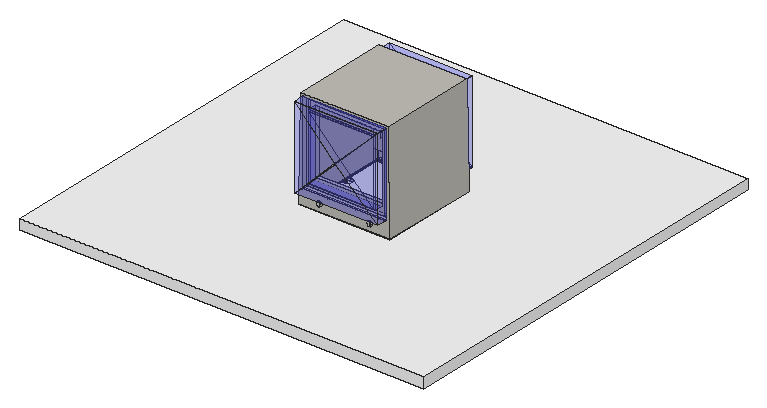
Revit family "BE_50063.4_de_DE", category Leuchten, Revit 2020
Family settings
  Basisbauteil = Fläche
  Bemaßung runder Anschluss = Durchmesser verwenden
  Teiletyp = Normal
  Beim Laden mit Abzugskörper schneiden = Ja
  Lichtquelle = Ja
  Gemeinsam genutzt = Nein
  Raumberechnungspunkt = Ja
Parameters (values of type "BEGA_50063.4_K4")
  built-in parameter 1150104 = 17.113 (stored number, unit not read)
  Wattage = 7.6 W
  Default Elevation = 0 mm
  built-in parameter 1150113 = 1 (stored number, unit not read)
  built-in parameter 1114218 = 1 (stored number, unit not read)
  Umgebungstemperatur = "25 °C"
  URL = "https://www.bega.com/de/produkt/50063.4"
  Typenkommentare = "© 2022 BEGA. Wir behalten uns das Recht vor, technische Änderungen ohne vorherige Ankündigung vorzunehmen."  # constant formula
  built-in parameter 1150134 = 12
  built-in parameter 1150109 = 1 (stored number, unit not read)
  Strom = ""
  built-in parameter 1150110 = 1 (stored number, unit not read)
  Spannung = 239.996 V
  Sonderanfertigung = no
  Seriennummer [instance] = "Hier können Sie die eindeutige Seriennummer für das Facility Management eintragen."
  Schutzklasse = "I"
  Schutzart = "IP 20"
  Scheinlast = 0 VA
  Produktdatenblatt = "https://cdn.bega.com/bega/products/50063.4K3/current/documents/data-sheets/de"
  Oberflächentemperatur = ""
  Neigungswinkel = 0.00°
  Modell = "50063.4K4"
  Material_33 = BEGA_Oberfläche_Palladium_matt
  Material_17 = BEGA_Reflektor
  Material_15 = BEGA_Leuchtmedium_matt
  Material_11 = BEGA_Glas_opal
  Material_09 = BEGA_Glas_klar
  Material_06 = BEGA_Oberfläche_Edelstahl_gebürstet
  Material_03 = BEGA_Oberfläche_Weiss_matt
  Material_02 = BEGA_Oberfläche_Silber_matt
  Material_01 [instance] = BEGA_Oberfläche_Grafit_matt
  M_W = no
  M_G = no
  M_A = no
  Logo = 0
  built-in parameter 1114217 = 1 (stored number, unit not read)
  built-in parameter 1150139 = (empty or 0)
  built-in parameter 1150105 = 111.4 (stored number, unit not read)
  built-in parameter 1150114 = 1 (stored number, unit not read)
  Lumens = 1399.92 lm
  built-in parameter 1150115 = 1 (stored number, unit not read)
  Leuchtenlichtstrom = "570 lm"
  Leuchtenanzahl = ""
  Lebensdauerkriterien = "L70B50 @ 25 °C = 200000 h"
  Lastklassifizierung = Beleuchtung
  built-in parameter 1150112 = 1 (stored number, unit not read)
  Lampenlichtstrom = "1400 lm"
  Lampe = "LED 7.6 W"
  LED_Modulbezeichnung = "2x LED-0276/940"
  Hersteller = "BEGA"  # constant formula
  Halbstreuwinkel = ""
  Gewicht = "1.0 kg"
  Gebrauchslageneinschränkung [instance] = ""
  Frequenz = "0/50-60 Hz"
  Farbwiedergabeindex = "CRI > 90"
  Farbtemperaturverschiebung bei Dämpfen der Lampe = <Keine Auswahl>
  Farbtemperatur = "4000 K"
  Color Filter = 16777215
  built-in parameter 1150133 = 10 (stored number, unit not read)
  Energieeffizienzklasse = "LED A++ - A"
  built-in parameter 1150137 = (empty or 0)
  built-in parameter 1150132 = (empty or 0)
  ENEC = "ja"
  Dimmbar [instance] = "on/off"
  Datei für fotometrisches Netz = "BE_50063.4K4.IES"
  CE_Konformität = "ja"
  Bestellnummer = "50063.4K4"
  Beschreibung_Sonderanfertigung = "Hier können Sie Informationen zur Sonderanfertigung eintragen."
  Beschreibung = "Wandleuchte"
  built-in parameter 1150106 = 1.114 (stored number, unit not read)
  Befestigungsbohrung = "Ø 4,5 mm"
  Befestigungsabstand = "65 mm"
  Ballwurfsicher = ""
  BEGA_Intern_aus = yes
  BEGA_Intern_an = yes
  BEGA_Intern_Konstruktion = yes
  BEGA_Intern = yes
  BEGA_IES = yes
  BEGA_Dummy = no
  Anschlussleitung = ""
  Anschlussleistung [instance] = "9 W"
  Anschlusskasten = ""
  built-in parameter 1150107 = 4000 (stored number, unit not read)
  built-in parameter 1150102 = (empty or 0)
  built-in parameter 1150138 = (empty or 0)
  Aktualisierung = "2022-05-18T04:00:07"
  Abstand_zur_angestrahlten_Fläche [instance] = ""
  AC/DC = "AC/DC"
Types (2, lengths in mm): name | built-in parameter 1150104 | built-in parameter 1150134 | Modell | built-in parameter 1150105 | Lumens | Leuchtenlichtstrom | Lampenlichtstrom | LED_Modulbezeichnung | Farbtemperatur | Datei für fotometrisches Netz | Bestellnummer | built-in parameter 1150106 | built-in parameter 1150107
  BEGA_50063.4_K4 | 17.113 (stored number, unit not read) | 12 | "50063.4K4" | 111.4 (stored number, unit not read) | 1399.92 lm | "570 lm" | "1400 lm" | "2x LED-0276/940" | "4000 K" | "BE_50063.4K4.IES" | "50063.4K4" | 1.114 (stored number, unit not read) | 4000 (stored number, unit not read)
  BEGA_50063.4_K3 | 16.258 (stored number, unit not read) | (empty or 0) | "50063.4K3" | 172.09 (stored number, unit not read) | 1330 lm | "541 lm" | "1330 lm" | "2x LED-0276/930" | "3000 K" | "BE_50063.4K3.IES" | "50063.4K3" | 1.7209 (stored number, unit not read) | 3000 (stored number, unit not read)
Reference planes
  plane 1 "Mitte (Vorne/Hinten)": y = 0
  plane 2: z = 0
  plane 3 "Mitte (Links/Rechts)": x = 0
  plane 4 "Links": x = -45
  plane 5 "Rechts": x = 45
  plane 6 "Unten": y = -59.933
  plane 7 "Oben": y = 59.933
  plane 8 "Vorne": z = 100
  plane 9 "Hinten": z = 0
Forms (mm)
  Extrusion 1, solid, material "BEGA_Platte_Weiss"
    sketch origin (0, -1119.2, 0) x (1, 0, 0) y (0, 1, 0)
      loop
        line (-200, 1319.2) -> (-200, 919.2) -> (200, 919.2) -> (200, 1319.2) -> (-200, 1319.2)
    from 0 to -10
  Extrusion 2, solid, material "BEGA_Dummy_matt", visible <- "BEGA_Dummy"
    sketch origin (80.095, -76.023, 0) x (1, 0, 0) y (0, 1, 0)
      loop
        line (-125.095, 135.956) -> (-125.095, 16.091) -> (-35.095, 16.091) -> (-35.095, 135.956) -> (-125.095, 135.956)
    from 0 to 100
Dimensions and locks
  plane 1 "Mitte (Vorne/Hinten)" to Extrusion 1 = 200 mm
  aligned and locked: plane 2 to Extrusion 1
  aligned and locked: level to Extrusion 1
Nested families
  nested 1: "BE_50063.4" at (0, 0, 0), type "BE_50063.4"
Connectors
  electrical at (0, 0, 0), driven by "Lastklassifizierung", driven by "Spannung", driven by "Scheinlast"
    settings: index 1, voltage 239.996 V, apparent load 0 VA, apparent load phase1 0 VA, apparent load phase2 0 VA, apparent load phase3 0 VA, power factor 1, load classification "Beleuchtung", number of poles 1, system type 31, power factor state 1, is connector primary yes, connector utility no, sub classification motor no, connector description ""
Definition of nested family "BE_50063.4"
  Parameters (values of type "BE_50063.4")
    Default Elevation = 1 mm
    URL = "http://www.bega.de/de/produkt"
    Type Comments = "© 2015 BEGA. Wir behalten uns das Recht vor, technische Änderungen ohne vorherige Ankündigung vorzunehmen. "  # constant formula
    Type Image = (empty or 0)
    Neigungswinkel_um_Z2 = 0.00°
    Neigungswinkel_um_Z1 = 0.00°
    Neigungswinkel_um_Y2 = 0.00°
    Neigungswinkel_um_Y1 = 0.00°
    Neigungswinkel_um_X2 = 0.00°
    Neigungswinkel_um_X1 = 0.00°
    Material_33 = none
    Material_17 = none
    Material_15 = none
    Material_11 = none
    Material_09 = none
    Material_08 = none
    Material_06 = none
    Material_05 = none
    Material_03 = none
    Material_02 = none
    Material_01 = none
    M_W = yes
    M_G = yes
    M_A = yes
    Länge_Platte = 200 mm  # constant formula
    Höhe_Platte = -10 mm  # constant formula
    Manufacturer = "BEGA"  # constant formula
    Drehwinkel_um_Z2 = 0.00°
    Drehwinkel_um_Z1 = 0.00°
    Breite_Platte = 200 mm  # constant formula
  Reference planes
    plane 1 "Mitte (Oben/Unten)": y = 0
    plane 2: z = 0
    plane 3 "Mitte (Links/Rechts)": x = 0
    plane 4: x = -45
    plane 5: z = 100
    plane 6: x = 45
    plane 7: y = 59.933
    plane 8: y = -59.933
  Forms (mm)
    Extrusion 1, solid, detail levels medium
      sketch origin (0, 0, 0) x (1, 0, 0) y (0, 1, 0)
        loop
          line (-100, 100) -> (-100, -100) -> (100, -100) -> (100, 100) -> (-100, 100)
      from 0 to -10 <- "Höhe_Platte"
    Extrusion 2, solid, material <- "Material_33", detail levels medium+fine
      sketch origin (0, 0, 0) x (0, 1, 0) y (0, 0, 1)
        loop
          line (48.25, 1) -> (48.25, 100) -> (-48.25, 100) -> (-48.25, 1) -> (-45.046, 1) -> (-45.046, 14) -> (-38.126, 14) -> (-38.126, 93) -> (38.126, 93) -> (38.126, 14) -> (45.046, 14) -> (45.046, 1) -> (48.25, 1)
      from -46.262 to 45.91
    Extrusion 3, solid, material <- "Material_33", detail levels medium+fine
      sketch origin (0, 0, 0) x (1, 0, 0) y (0, 0, 1)
        loop
          line (-46.262, 100) -> (-46.262, 1) -> (-41.809, 1) -> (-41.809, 100) -> (-46.262, 100)
        loop
          line (46.262, 100) -> (41.809, 100) -> (41.809, 1) -> (46.262, 1) -> (46.262, 100)
      from -48.25 to 48.25
    Extrusion 4, void
      sketch origin (0, 0, 0) x (1, 0, 0) y (0, 0, 1)
        loop
          line (-43.257, 100.874) -> (-46.262, 100.874) -> (-46.262, 0.652) -> (-45.006, 0.652) -> (-43.257, 100.874)
        loop
          line (43.257, 100.874) -> (45.006, 0.652) -> (46.262, 0.652) -> (46.262, 100.874) -> (43.257, 100.874)
      from -54.367 to 54.729
    Extrusion 5, void
      sketch origin (0, 0, 0) x (0, 1, 0) y (0, 0, 1)
        loop
          line (43.483, 89.749) -> (-43.906, 89.749) -> (-43.906, 25.491) -> (43.483, 25.491) -> (43.483, 89.749)
      from -33.322 to 33.208
    Extrusion 6, void
      sketch origin (0, 0, 0) x (0, 1, 0) y (0, 0, 1)
        loop
          line (48.25, 98.063) -> (42.45, 98.063) -> (42.45, 15.433) -> (48.25, 15.433) -> (48.25, 98.063)
        loop
          line (-48.25, 98.063) -> (-48.25, 15.433) -> (-42.45, 15.433) -> (-42.45, 98.063) -> (-48.25, 98.063)
      from -41.25 to 41.313
    Sweep 7, solid, material <- "Material_11", detail levels medium+fine
      path origin (0, 0, 0) x (1, 0, 0) y (0, 0, 1)
        loop
          line (41.25, 97.933) -> (-41.25, 97.933) -> (-41.25, 15.433) -> (41.25, 15.433) -> (41.25, 97.933)
      profile origin (0, 0, 97.933) x (0, 0, -1) y (0, -1, 0)
        loop
          line (-0.067, -46.95) -> (0.352, -58.947)
          arc (0.352, -58.947) -> (20.761, -59.689) -> (41.183, -59.933) r 836.627
          line (41.183, -59.933) -> (41.183, -53.463)
          arc (41.183, -53.463) -> (25.118, -52.991) -> (9.076, -52.023) r 520.56
          arc (9.076, -52.023) -> (8.43, -51.718) -> (8.152, -51.06) r 1
          line (8.152, -51.06) -> (7.851, -42.45) -> (2.738, -42.45) -> (2.581, -46.95) -> (-0.067, -46.95)
    Sweep 8, solid, material <- "Material_11", detail levels medium+fine
      path origin (0, 0, 0) x (1, 0, 0) y (0, 0, -1)
        loop
          line (41.25, -97.933) -> (41.25, -15.433) -> (-41.25, -15.433) -> (-41.25, -97.933) -> (41.25, -97.933)
      profile origin (0, 0, 97.933) x (0, 0, 1) y (0, 1, 0)
        loop
          line (0.067, -46.95) -> (-2.581, -46.95) -> (-2.738, -42.45) -> (-7.851, -42.45) -> (-8.152, -51.06)
          arc (-8.152, -51.06) -> (-8.43, -51.718) -> (-9.076, -52.023) r 1
          arc (-9.076, -52.023) -> (-25.118, -52.991) -> (-41.183, -53.463) r 520.56
          line (-41.183, -53.463) -> (-41.183, -59.933)
          arc (-41.183, -59.933) -> (-20.761, -59.689) -> (-0.352, -58.947) r 836.627
          line (-0.352, -58.947) -> (0.067, -46.95)
    Sweep 9, solid, material <- "Material_03", detail levels medium+fine
      path origin (0, 0, 0) x (1, 0, 0) y (0, 1, 0)
        loop
          line (45, 48.25) -> (-45, 48.25) -> (-45, -48.25) -> (45, -48.25) -> (45, 48.25)
      profile origin (0, 48.25, 0) x (0, -1, 0) y (0, 0, 1)
        loop
          line (0.75, 0) -> (5, 0)
          arc (5, 0) -> (6.061, 0.439) -> (6.5, 1.5) r 1.5
          line (6.5, 1.5) -> (6.5, 2.5)
          arc (6.5, 2.5) -> (6.646, 2.854) -> (7, 3) r 0.5
          line (7, 3) -> (35.781, 3) -> (35.781, 4) -> (7, 4)
          arc (7, 4) -> (5.939, 3.561) -> (5.5, 2.5) r 1.5
          line (5.5, 2.5) -> (5.5, 1.5)
          arc (5.5, 1.5) -> (5.354, 1.146) -> (5, 1) r 0.5
          line (5, 1) -> (0.75, 1) -> (0.75, 0)
    Extrusion 10, void
      sketch origin (0, 0, 0) x (1, 0, 0) y (0, 1, 0)
        loop
          circle (15, 24.6) r 8.5
        loop
          circle (-34, -1.9) r 4.25
        loop
          circle (34, -1.9) r 4.25
      from 0 to 6.683
    Extrusion 11, solid, material <- "Material_03", detail levels medium+fine
      sketch origin (0, 0, 0) x (1, 0, 0) y (0, 1, 0)
        loop
          line (-9.219, -12.469) -> (9.219, -12.469) -> (9.219, 12.469) -> (-9.219, 12.469) -> (-9.219, -12.469)
      from 3 to 4
    Revolve 12, void
      sketch origin (0, -9.199, 8) x (1, 0, 0) y (0, 1, 0)
        loop
          line (-25, -37.114) -> (-25, -39.501) -> (-22.298, -39.501) -> (-23.112, -38.09) -> (-23.112, -37.114) -> (-25, -37.114)
        axis (-25, -37.114) -> (-25, -39.501)
      angle from 0 to 360
    Revolve 13, solid, material <- "Material_06", detail levels fine
      sketch origin (-25, 0, 0) x (0, 1, 0) y (0, 0, 1)
        loop
          line (-49.15, 10) -> (-49.15, 8) -> (-45.433, 8) -> (-45.433, 10.5) -> (-46.575, 10.5) -> (-47.289, 10) -> (-49.15, 10)
        axis (-49.15, 8) -> (-45.433, 8)
      angle from 0 to 360
    Revolve 14, void
      sketch origin (0, -9.199, 8) x (-1, 0, 0) y (0, -1, 0)
        loop
          line (-25, 37.114) -> (-23.112, 37.114) -> (-23.112, 38.09) -> (-22.298, 39.501) -> (-25, 39.501) -> (-25, 37.114)
        axis (-25, 37.114) -> (-25, 39.501)
      angle from 0 to 360
    Revolve 15, solid, material <- "Material_06", detail levels fine
      sketch origin (25, 0, 0) x (0, 1, 0) y (0, 0, -1)
        loop
          line (-49.15, -10) -> (-47.289, -10) -> (-46.575, -10.5) -> (-45.433, -10.5) -> (-45.433, -8) -> (-49.15, -8) -> (-49.15, -10)
        axis (-49.15, -8) -> (-45.433, -8)
      angle from 0 to 360
  Cuts and joins
    Extrusion 4, Extrusion 5, Extrusion 6, Extrusion 10, Revolve 12, Revolve 14 cuts Extrusion 2
    Extrusion 4, Extrusion 5, Extrusion 6, Extrusion 10, Revolve 12, Revolve 14 cuts Extrusion 3
    joined: Extrusion 2, Extrusion 3
    Extrusion 10 cuts Sweep 9
    joined: Sweep 9, Extrusion 11
    Revolve 14 cuts Revolve 13
  Dimensions and locks
    equal spacing: Extrusion 1 sketch curve, plane 3 "Mitte (Links/Rechts)", Extrusion 1 sketch curve
    equal spacing: Extrusion 1 sketch curve, plane 1 "Mitte (Oben/Unten)", Extrusion 1 sketch curve
    "Länge_Platte": Extrusion 1 sketch curve to Extrusion 1 sketch curve
    "Breite_Platte": Extrusion 1 sketch curve to Extrusion 1 sketch curve
    aligned and locked: Extrusion 1 to plane 2
    aligned and locked: level to Extrusion 1
  Automatic sketch dimensions
    level to Extrusion 3 sketch curve = 1 mm  (x2)
    Extrusion 3 sketch curve to plane 3 "Mitte (Links/Rechts)" = 46.262 mm
    Extrusion 3 sketch curve to Extrusion 3 sketch curve = 4.453 mm  (x2)
    plane 3 "Mitte (Links/Rechts)" to Extrusion 3 sketch curve = 41.809 mm
    Extrusion 3 sketch curve to Extrusion 3 sketch curve = 99 mm
    Extrusion 3 sketch curve to Extrusion 3 sketch curve = 0 mm
    level to Extrusion 4 sketch curve = 0.652 mm  (x2)
    Extrusion 4 sketch curve to plane 3 "Mitte (Links/Rechts)" = 46.262 mm
    Extrusion 4 sketch curve to Extrusion 4 sketch curve = 1.256 mm  (x2)
    Extrusion 4 sketch curve to Extrusion 4 sketch curve = 3.006 mm
    plane 3 "Mitte (Links/Rechts)" to Extrusion 4 sketch curve = 43.257 mm
    plane 3 "Mitte (Links/Rechts)" to Extrusion 4 sketch curve = 45.006 mm
    Extrusion 4 sketch curve to Extrusion 4 sketch curve = 0 mm
    plane 1 "Mitte (Oben/Unten)" to Extrusion 5 sketch curve = 43.906 mm
    Extrusion 5 sketch curve to plane 1 "Mitte (Oben/Unten)" = 43.483 mm
    level to Extrusion 5 sketch curve = 25.491 mm
    Extrusion 5 sketch curve to Extrusion 5 sketch curve = 64.259 mm
    level to Extrusion 6 sketch curve = 15.433 mm  (x2)
    plane 1 "Mitte (Oben/Unten)" to Extrusion 6 sketch curve = 48.25 mm
    Extrusion 6 sketch curve to Extrusion 6 sketch curve = 5.8 mm  (x2)
    Extrusion 6 sketch curve to plane 1 "Mitte (Oben/Unten)" = 42.45 mm
    Extrusion 6 sketch curve to Extrusion 6 sketch curve = 82.63 mm  (x2)
    Sweep 7 sketch curve to plane 3 "Mitte (Links/Rechts)" = 41.25 mm
    level to Sweep 7 sketch curve = 15.433 mm
    plane 3 "Mitte (Links/Rechts)" to Sweep 7 sketch curve = 41.25 mm
    Sweep 7 sketch curve to Sweep 7 sketch curve = 82.5 mm
    profile plane to Sweep 7 sketch curve = 0.067 mm
    Sweep 7 sketch curve to profile plane = 0.352 mm
    Sweep 7 sketch curve to profile plane = 2.581 mm
    Sweep 7 sketch curve to profile plane = 2.738 mm
    Sweep 7 sketch curve to Sweep 7 sketch curve = 5.113 mm
    Sweep 7 sketch curve to Sweep 7 sketch curve = 5.571 mm
    Sweep 7 sketch curve to Sweep 7 sketch curve = 0.999 mm
    Sweep 7 sketch curve to profile plane = 40.953 mm
    Sweep 7 sketch curve to Sweep 7 sketch curve = 32.032 mm
    Sweep 7 sketch curve to profile plane = 48.45 mm
    Sweep 7 sketch curve to plane 1 "Mitte (Oben/Unten)" = 59.933 mm
    Sweep 7 sketch curve to Sweep 7 sketch curve = 0.986 mm
    Sweep 7 sketch curve to Sweep 7 sketch curve = 6.469 mm
    Sweep 7 sketch curve to Sweep 7 sketch curve = 7.886 mm
    Sweep 7 sketch curve to Sweep 7 sketch curve = 0.035 mm
    Sweep 7 sketch curve to Sweep 7 sketch curve = 4.11 mm
    Sweep 7 sketch curve to Sweep 7 sketch curve = 4.5 mm
    Sweep 7 sketch curve to Sweep 7 sketch curve = 309.648 mm
    Sweep 8 sketch curve to plane 3 "Mitte (Links/Rechts)" = 41.25 mm
    level to Sweep 8 sketch curve = 15.433 mm
    plane 3 "Mitte (Links/Rechts)" to Sweep 8 sketch curve = 41.25 mm
    Sweep 8 sketch curve to Sweep 8 sketch curve = 82.5 mm
    profile plane to Sweep 8 sketch curve = 48.45 mm
    profile plane to Sweep 8 sketch curve = 41.183 mm
    profile plane to Sweep 8 sketch curve = 40.953 mm
    profile plane to Sweep 8 sketch curve = 9.151 mm
    Sweep 8 sketch curve to Sweep 8 sketch curve = 0.999 mm
    profile plane to Sweep 8 sketch curve = 7.851 mm
    profile plane to Sweep 8 sketch curve = 2.738 mm
    profile plane to Sweep 8 sketch curve = 2.581 mm
    profile plane to Sweep 8 sketch curve = 0.352 mm
    Sweep 8 sketch curve to profile plane = 0.067 mm
    Sweep 8 sketch curve to profile plane = 59.933 mm
    Sweep 8 sketch curve to Sweep 8 sketch curve = 0.986 mm
    Sweep 8 sketch curve to Sweep 8 sketch curve = 6.469 mm
    Sweep 8 sketch curve to Sweep 8 sketch curve = 7.886 mm
    Sweep 8 sketch curve to Sweep 8 sketch curve = 0.035 mm
    Sweep 8 sketch curve to Sweep 8 sketch curve = 4.11 mm
    Sweep 8 sketch curve to Sweep 8 sketch curve = 4.5 mm
    Sweep 8 sketch curve to Sweep 8 sketch curve = 309.648 mm
    Sweep 9 sketch curve to plane 3 "Mitte (Links/Rechts)" = 45 mm
    plane 3 "Mitte (Links/Rechts)" to Sweep 9 sketch curve = 45 mm
    plane 1 "Mitte (Oben/Unten)" to Sweep 9 sketch curve = 48.25 mm
    Sweep 9 sketch curve to plane 1 "Mitte (Oben/Unten)" = 48.25 mm
    Sweep 9 sketch curve to Sweep 9 sketch curve = 0 mm  (x4)
    Sweep 9 sketch curve to level = 0 mm
    Sweep 9 sketch curve to profile plane = 0.75 mm
    level to Sweep 9 sketch curve = 1 mm
    Sweep 9 sketch curve to Sweep 9 sketch curve = 4.25 mm
    Sweep 9 sketch curve to Sweep 9 sketch curve = 0.5 mm  (x2)
    level to Sweep 9 sketch curve = 3 mm
    Sweep 9 sketch curve to Sweep 9 sketch curve = 28.781 mm
    plane 1 "Mitte (Oben/Unten)" to Extrusion 10 sketch curve = 1.9 mm  (x2)
    Extrusion 10 sketch curve to plane 3 "Mitte (Links/Rechts)" = 34 mm
    plane 3 "Mitte (Links/Rechts)" to Extrusion 10 sketch curve = 15 mm
    Extrusion 10 sketch curve to Extrusion 10 sketch curve = 19 mm
    Extrusion 10 sketch curve to plane 1 "Mitte (Oben/Unten)" = 24.6 mm
    Extrusion 11 sketch curve to plane 3 "Mitte (Links/Rechts)" = 9.219 mm
    plane 3 "Mitte (Links/Rechts)" to Extrusion 11 sketch curve = 9.219 mm
    plane 1 "Mitte (Oben/Unten)" to Extrusion 11 sketch curve = 12.469 mm
    Extrusion 11 sketch curve to plane 1 "Mitte (Oben/Unten)" = 12.469 mm
    Revolve 12 sketch curve to plane 3 "Mitte (Links/Rechts)" = 25 mm
    Revolve 12 sketch curve to Revolve 12 sketch curve = 1.888 mm
    Revolve 12 sketch curve to Revolve 12 sketch curve = 0.814 mm
    plane 1 "Mitte (Oben/Unten)" to Revolve 12 sketch curve = 48.7 mm
    Revolve 12 sketch curve to Revolve 12 sketch curve = 1.411 mm
    Revolve 12 sketch curve to Revolve 12 sketch curve = 0.976 mm
    Revolve 12 sketch curve to Revolve 12 sketch curve = 0 mm
    Revolve 12 sketch curve to Revolve 12 sketch curve = 1.782 mm
    Revolve 12 sketch curve to Revolve 12 sketch curve = 1.743 mm
    level to Revolve 13 sketch curve = 10 mm
    plane 1 "Mitte (Oben/Unten)" to Revolve 13 sketch curve = 49.15 mm
    Revolve 13 sketch curve to Revolve 13 sketch curve = 1.861 mm
    level to Revolve 13 sketch curve = 10.5 mm
    Revolve 13 sketch curve to Revolve 13 sketch curve = 0.714 mm
    Revolve 13 sketch curve to Revolve 13 sketch curve = 1.142 mm
    Revolve 13 sketch curve to Revolve 13 sketch curve = 2 mm  (x2)
    Revolve 13 sketch curve to Revolve 13 sketch curve = 0.817 mm
    Revolve 13 sketch curve to Revolve 13 sketch curve = 0 mm
    plane 3 "Mitte (Links/Rechts)" to Revolve 14 sketch curve = 25 mm
    Revolve 14 sketch curve to Revolve 14 sketch curve = 1.888 mm
    Revolve 14 sketch curve to Revolve 14 sketch curve = 0.814 mm
    plane 1 "Mitte (Oben/Unten)" to Revolve 14 sketch curve = 46.314 mm
    Revolve 14 sketch curve to Revolve 14 sketch curve = 0.976 mm
    Revolve 14 sketch curve to Revolve 14 sketch curve = 1.411 mm
    Revolve 14 sketch curve to Revolve 14 sketch curve = 0 mm
    Revolve 14 sketch curve to Revolve 14 sketch curve = 1.743 mm
    Revolve 14 sketch curve to Revolve 14 sketch curve = 1.782 mm
    level to Revolve 15 sketch curve = 10 mm
    plane 1 "Mitte (Oben/Unten)" to Revolve 15 sketch curve = 49.15 mm
    Revolve 15 sketch curve to Revolve 15 sketch curve = 1.861 mm
    level to Revolve 15 sketch curve = 10.5 mm
    Revolve 15 sketch curve to Revolve 15 sketch curve = 0.714 mm
    Revolve 15 sketch curve to Revolve 15 sketch curve = 1.142 mm
    Revolve 15 sketch curve to Revolve 15 sketch curve = 2.5 mm
    Revolve 15 sketch curve to Revolve 15 sketch curve = 2 mm
    Revolve 15 sketch curve to Revolve 15 sketch curve = 0.817 mm
    Revolve 15 sketch curve to Revolve 15 sketch curve = 0 mm
    Extrusion 4 sketch curve to plane 5 = 0.874 mm
    plane 5 to Extrusion 2 sketch curve = 0 mm
    Extrusion 2 sketch curve to plane 8 = 11.683 mm
    Extrusion 2 sketch curve to Extrusion 2 sketch curve = 3.204 mm
    Extrusion 2 sketch curve to Extrusion 2 sketch curve = 10.124 mm
    Extrusion 2 sketch curve to plane 7 = 21.806 mm
    level to Extrusion 2 sketch curve = 1 mm  (x2)
    Extrusion 2 sketch curve to Extrusion 2 sketch curve = 6.92 mm
    Extrusion 2 sketch curve to plane 7 = 11.683 mm
    Extrusion 2 sketch curve to Extrusion 2 sketch curve = 13 mm
    level to Extrusion 2 sketch curve = 14 mm
    plane 5 to Extrusion 2 sketch curve = 7 mm
    radius of Extrusion 10 sketch curve = 8.5 mm
    radius of Extrusion 10 sketch curve = 4.25 mm  (x2)
